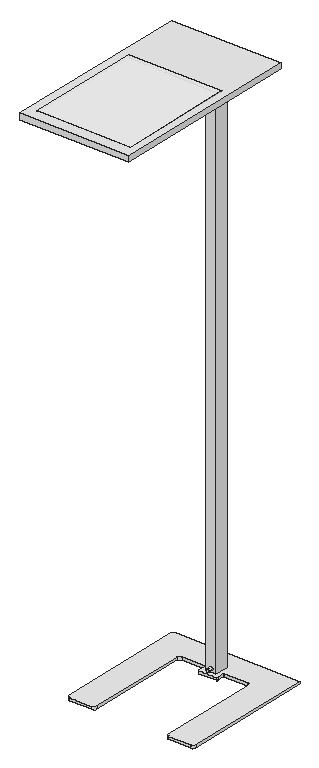
Revit family "0060804 Sylvania Lighting Fixture FREEOFFICE DIRECT INDIRECT 14KLM PIR GREY EC", category Lighting Fixtures, host Face, Revit 2016
Family settings
  Host = Face
  Part Type = Normal
  Round Connector Dimension = Use Diameter
  OmniClass Number = 23.80.70.11.17
  OmniClass Title = Specialized Lighting by Location or Use
  Cut with Voids When Loaded = No
  Light Source = Yes
  Shared = No
  Room Calculation Point = No
Parameters (values of type "0060804 FREEOFFICE D/I 14 PIR GREY EC")
  Weight = "22.8 kg"
  Wattage = 107 W
  WarrantyStartDate [instance] = "n/a"
  WarrantyGuarantorParts = "n/a"
  WarrantyDurationUnit = "n/a"
  WarrantyDurationParts = "n/a"
  WarrantyDescription = "n/a"
  built-in parameter 1150110 = 1 (stored number, unit not read)
  Voltage = 230 V
  TypeName = "FREEOFFICE DIRECT/INDIRECT 14KLM PIR GREY EC"
  built-in parameter 1114217 = 1 (stored number, unit not read)
  Tilt Angle = -90°
  built-in parameter 1150109 = 1 (stored number, unit not read)
  built-in parameter 1150134 = 12
  built-in parameter 1150113 = 1 (stored number, unit not read)
  SerialNumber [instance] = "n/a"
  Radius_FEILO = 165.0 mm
  URL = "http://www.sylvania-lighting.com"
  PowerFactor = 0.98
  PowerConsumption = "107 W"
  Photometric Web File = "0060800.ies"
  PIR_SYL = yes
  NominalWidth = 460.0 mm
  NominalLength = 690.0 mm
  NominalHeight = 2030.0 mm
  Name = "FREEOFFICE DIRECT/INDIRECT 14KLM PIR GREY EC"
  ModelReference = "FREEOFFICE DIRECT/INDIRECT 14KLM PIR GREY EC"
  ModelNumber = "0060804"
  Material_3_SYL = Body-Sylvania-FreeOffice-BLK
  Material_2_SYL = Polycarbonate_Sylvania_Sylcircle_Opal
  Material_1_SYL = Body-Sylvania-FreeOffice-GR
  Material = "head and pole : powder coated aluminium. stand: powder coated steel housing, pmma diffuser"
  ManufacturerName = "Feilo Sylvania"
  LuminousEfficacy = "132 lm/W"
  built-in parameter 1150105 = 4275.8 (stored number, unit not read)
  Lumens = 14124 lm
  LuminaireType = ""
  built-in parameter 1150115 = 1 (stored number, unit not read)
  LightOutputRatio = "n/a"
  built-in parameter 1150137 = (empty or 0)
  built-in parameter 1150139 = (empty or 0)
  LampsType = Lamp  # "LED"
  LampNominalLuminous = "14100 lm"
  LampMacAdamStep = "3"
  LampColourTemperature = "4000 K"
  LampColourRenderingIndex = "80"
  built-in parameter 1150112 = 1 (stored number, unit not read)
  built-in parameter 1150114 = 1 (stored number, unit not read)
  Keynote = "16500"
  InstallationDate [instance] = "n/a"
  InputVoltage = "220-240V~"
  InputNominalFrequency = "50/60 Hz"
  built-in parameter 1150132 = (empty or 0)
  built-in parameter 1150102 = (empty or 0)
  built-in parameter 1150107 = 4000 (stored number, unit not read)
  built-in parameter 1150138 = (empty or 0)
  IngressProtection = "IP20"
  ImpactProtectionIndex = "IK02"
  built-in parameter 1150106 = 42.758 (stored number, unit not read)
  IfcExportType = "IfcLightFixtureType"
  IfcExportAs = "IfcLightFixtureType"
  Height_FEILO = 96.0 mm
  ExpectedLife = 50000
  Emit from Rectangle Width = 340.1 mm
  Emit from Rectangle Length = 564.6 mm
  Emit Shape Visible in Rendering = no
  ElectricShockClassification = "Class I"
  built-in parameter 1150104 = 12.263 (stored number, unit not read)
  DurationUnit = "hours"
  DocumentationLiterature = "http://www.sylvania-lighting.com/product/en-int/products/0060804"
  DimmingControlOptions = "Dimmable"
  Dimming Lamp Color Temperature Shift = <None>
  Diameter_FEILO = 2 * Radius_FEILO  # 330.0 mm
  CreatedOn = "12/5/2018"
  CreatedBy = "@sylvania-lighting.com"
  Color Filter = 16777215
  built-in parameter 1114216 [instance] = 1 (stored number, unit not read)
  Model = "FREEOFFICE DIRECT/INDIRECT 14KLM PIR GREY EC"
  Manufacturer = "Feilo Sylvania"
  Lamp = "LED"
  Description = "FREEOFFICE DIRECT/INDIRECT 14KLM PIR GREY EC is a highly efficient free-standing floor lamp providing optimal illumination for single and twin workstations. 80% uplight and 20% downlight ratio for ambient and task lighting from a single luminaire. Microprismatic PMMA optics for advanced glare control. Grey RAL7035 powder coated luminaire body. Aluminium head and pole for high-quality appearance, steel stand for higher stability. Luminaire dimensions: Head: 690x397x25mm, Stand: 480x460x16mm, Pole: 55x35x2030mm. Operated and dimmed with a push button located in the pole at a height suitable to be used with adjustable height desks. Equipped with presence and daylight sensor. Up and downlight dims together. 4000K Neutral White LED, CRI>80, chromaticity tolerance: SDCM<3. Luminous flux: 14100lm. Power consumption 107W. Luminaire efficacy: 132lm/W. Lumen maintenance: L80B50=55000h. UGR<16, Luminance at 65°<3000 cd/m2. IK02, IP20. Photobiological safety risk group 0. Electrical protection: Class I. Glow wire test: 650°C. Supplied with 3m cable with DIN 49441-R2 plug."
  Default Elevation = 0.0 mm
  built-in parameter 1140040 [instance] = 1
  BarCode [instance] = "n/a"
  built-in parameter 1114218 = 1 (stored number, unit not read)
  built-in parameter 1150133 = 10 (stored number, unit not read)
  AssetType = "Fixed"
  AssetIdentifier [instance] = "n/a"
  Assembly Code = "D5020200"
  Apparent Load = 107 VA
Reference planes
  plane 1 "Center (Front/Back)": y = 0
  plane 2: z = 0
  plane 3 "Center (Left/Right)": x = 0
  plane 4: z = 2030
  plane 5: x = 230
  plane 6: x = -230
  plane 7: x = 18
  plane 8: x = -18
  plane 9: x = -198.5
  plane 10: x = 198.5
  plane 11: y = 25
  plane 12: y = -25
  plane 13: y = -390.174
  plane 14: y = 89.826
  plane 15: y = -645
  plane 16: y = 44
  plane 17: z = 9
  plane 18: z = 2010
  plane 19: y = -187.327
  plane 20: y = -603.8
  plane 21: x = -170.03
  plane 22: x = 170.03
  plane 23: y = -39.174
  plane 24: z = 2020
  plane 25: x = 130
  plane 26: x = -130
  plane 27: y = -10.174
  plane 28: x = 34
  plane 29: x = -34
  plane 30: y = -39.174
  plane 31: y = -321.487
  plane 32: z = 21
  plane 33: y = -624.4
  plane 34: z = 2009
Forms (mm)
  Extrusion 1, solid, material "Body-Sylvania-FreeOffice-GR" <- "Material_1_SYL"
    sketch origin (-1380.213, -4572, 2010) x (-1, 0, 0) y (0, -1, 0)
      loop
        line (-1181.713, -3927) -> (-1578.713, -3927) -> (-1578.713, -4616) -> (-1181.713, -4616) -> (-1181.713, -3927)
    from 0 to 20
  Extrusion 2, void
    sketch origin (-1380.213, -4572, 2030) x (0, -1, 0) y (-1, 0, 0)
      loop
        line (-4384.673, -1210.183) -> (-4384.673, -1550.243) -> (-3968.2, -1550.243) -> (-3968.2, -1210.183) -> (-4384.673, -1210.183)
    from 0 to 20
  Extrusion 3, void
    sketch origin (-1380.213, -4572, 2010) x (0, -1, 0) y (-1, 0, 0)
      loop
        line (-3968.2, -1210.183) -> (-4532.826, -1210.183) -> (-4532.826, -1550.243) -> (-3968.2, -1550.243) -> (-3968.2, -1210.183)
    from 0 to -10
  Extrusion 4, solid, material "Body-Sylvania-FreeOffice-GR" <- "Material_1_SYL"
    sketch origin (0, 0, 0) x (1, 0, 0) y (0, 1, 0)
      loop
        line (-230, 79.826) -> (-230, -380.174)
        arc (-230, -380.174) -> (-227.071, -387.245) -> (-220, -390.174) r 10
        line (-220, -390.174) -> (-140, -390.174)
        arc (-140, -390.174) -> (-132.929, -387.245) -> (-130, -380.174) r 10
        line (-130, -380.174) -> (-130, -20.174)
        arc (-130, -20.174) -> (-127.071, -13.103) -> (-120, -10.174) r 10
        line (-120, -10.174) -> (-36, -10.174)
        arc (-36, -10.174) -> (-34.586, -10.76) -> (-34, -12.174) r 2
        line (-34, -12.174) -> (-34, -37.174)
        arc (-34, -37.174) -> (-33.414, -38.588) -> (-32, -39.174) r 2
        line (-32, -39.174) -> (32, -39.174)
        arc (32, -39.174) -> (33.414, -38.588) -> (34, -37.174) r 2
        line (34, -37.174) -> (34, -12.174)
        arc (34, -12.174) -> (34.586, -10.76) -> (36, -10.174) r 2
        line (36, -10.174) -> (120, -10.174)
        arc (120, -10.174) -> (127.071, -13.103) -> (130, -20.174) r 10
        line (130, -20.174) -> (130, -380.174)
        arc (130, -380.174) -> (132.929, -387.245) -> (140, -390.174) r 10
        line (140, -390.174) -> (220, -390.174)
        arc (220, -390.174) -> (227.071, -387.245) -> (230, -380.174) r 10
        line (230, -380.174) -> (230, 89.826) -> (-220, 89.826)
        arc (-220, 89.826) -> (-227.071, 86.897) -> (-230, 79.826) r 10
    from 0 to 9
  Extrusion 5, solid, material "Body-Sylvania-FreeOffice-GR" <- "Material_1_SYL"
    sketch origin (645.563, -4597, 9) x (0, -1, 0) y (-1, 0, 0)
      loop
        line (-4622, 663.563) -> (-4622, 627.563) -> (-4572, 627.563) -> (-4572, 663.563) -> (-4622, 663.563)
    from 0 to -2001
  Extrusion 6, solid, material "Body-Sylvania-FreeOffice-GR" <- "Material_1_SYL"
    sketch origin (747.1, -25, 1219.2) x (1, 0, 0) y (0, 0, 1)
      loop
        circle (-747.1, -1198.2) r 5
    from 0 to 14.174
  Extrusion 7, solid, material "Polycarbonate_Sylvania_Sylcircle_Opal" <- "Material_2_SYL"
    sketch origin (-1380.213, -4572, 2030) x (-1, 0, 0) y (0, -1, 0)
      loop
        line (-1550.243, -3968.2) -> (-1550.243, -4384.673) -> (-1210.183, -4384.673) -> (-1210.183, -3968.2) -> (-1550.243, -3968.2)
    from 0 to -10
  Extrusion 8, solid, material "Polycarbonate_Sylvania_Sylcircle_Opal" <- "Material_2_SYL"
    sketch origin (-1380.213, -4572, 2010) x (-1, 0, 0) y (0, -1, 0)
      loop
        line (-1210.183, -4532.826) -> (-1210.183, -3968.2) -> (-1550.243, -3968.2) -> (-1550.243, -4532.826) -> (-1210.183, -4532.826)
    from 0 to 10
  Revolve 9, solid, material "Body-Sylvania-FreeOffice-BLK" <- "Material_3_SYL", visible <- "PIR_SYL"
    sketch origin (747.1, -624.4, 1219.2) x (1, 0, 0) y (0, 0, 1)
      loop
        line (-757.1, 789.8) -> (-754.426, 789.8)
        arc (-754.426, 789.8) -> (-751.007, 787.781) -> (-747.1, 787.079) r 11.221
        line (-747.1, 787.079) -> (-747.1, 790.8) -> (-757.1, 790.8) -> (-757.1, 789.8)
      axis (-747.1, 790.8) -> (-747.1, 787.079)
    angle from 0 to 360
Cuts and joins
  Extrusion 2, Extrusion 3 cuts Extrusion 1
Lines and regions (mm)
  reference lines
    curve 1: circle (0, 0, 21) r 5 normal (0, -1, 0)
    curve 2: circle (0, -624.4, 2010) r 10 normal (0, 0, 1)
Dimensions and locks
  equal spacing: plane 12, plane 1 "Center (Front/Back)", plane 11
  locked: plane 12 to plane 11 at 50
  equal spacing: plane 8, plane 3 "Center (Left/Right)", plane 7
  plane 8 to plane 7 = 36.0 mm
  equal spacing: plane 9, plane 3 "Center (Left/Right)", plane 10
  plane 9 to plane 10 = 397.0 mm
  equal spacing: plane 6, plane 3 "Center (Left/Right)", plane 5
  locked: plane 6 to plane 5 at 460
  locked: plane 4 to plane 2 at 2030
  locked: plane 13 to plane 1 "Center (Front/Back)" at 390.174
  locked: plane 13 to plane 14 at 480
  locked: plane 15 to plane 1 "Center (Front/Back)" at 645
  locked: plane 15 to plane 16 at 689
  locked: plane 17 to plane 2 at 9
  locked: plane 4 to plane 18 at 20
  locked: plane 19 to plane 1 "Center (Front/Back)" at 187.327
  locked: plane 20 to plane 19 at 416.473
  equal spacing: plane 21, plane 3 "Center (Left/Right)", plane 22
  plane 21 to plane 22 = 340.059 mm
  locked: plane 20 to plane 23 at 564.626
  equal spacing: plane 4, plane 24, plane 18
  equal spacing: plane 26, plane 3 "Center (Left/Right)", plane 25
  locked: plane 26 to plane 25 at 260
  locked: plane 27 to plane 14 at 100
  equal spacing: plane 29, plane 3 "Center (Left/Right)", plane 28
  locked: plane 29 to plane 28 at 68
  locked: plane 30 to plane 27 at 29
  equal spacing: plane 20, plane 31, plane 23
  locked: plane 32 to host face at 21
  equal spacing: plane 15, plane 33, plane 20
  locked: Revolve 9 sketch curve to plane 18 at 7.5
  locked: plane 18 to plane 34 at 1
  radius of curve 2 = 10.0 mm
  aligned and locked: plane 2 to host face
  aligned and locked: level to host face
  aligned and locked: plane 15 to Extrusion 1 sketch curve
  aligned and locked: Extrusion 1 sketch curve to plane 9
  aligned and locked: Extrusion 1 sketch curve to plane 16
  aligned and locked: plane 10 to Extrusion 1 sketch curve
  aligned and locked: plane 4 to Extrusion 1
  aligned and locked: Extrusion 1 to plane 18
  aligned and locked: Extrusion 2 sketch curve to plane 19
  aligned and locked: plane 20 to Extrusion 2 sketch curve
  aligned and locked: Extrusion 2 to plane 18
  aligned and locked: plane 4 to Extrusion 2
  aligned and locked: plane 21 to Extrusion 2 sketch curve
  aligned and locked: plane 22 to Extrusion 2 sketch curve
  aligned and locked: Extrusion 3 sketch curve to cut or joined group of Extrusion 1, Extrusion 2, Extrusion 3  (x2)
  aligned and locked: plane 23 to Extrusion 3 sketch curve
  aligned and locked: plane 22 to Extrusion 3 sketch curve
  aligned and locked: Extrusion 3 to plane 18
  aligned and locked: plane 24 to Extrusion 3
  aligned and locked: Extrusion 4 sketch curve to plane 14
  aligned and locked: Extrusion 4 sketch curve to plane 6
  aligned and locked: plane 13 to Extrusion 4 sketch curve  (x2)
  aligned and locked: Extrusion 4 sketch curve to plane 26
  aligned and locked: Extrusion 4 sketch curve to plane 25
  aligned and locked: plane 5 to Extrusion 4 sketch curve
  aligned and locked: plane 29 to Extrusion 4 sketch curve
  aligned and locked: plane 30 to Extrusion 4 sketch curve
  aligned and locked: Extrusion 4 sketch curve to plane 28
  aligned and locked: Extrusion 4 sketch curve to plane 27
  aligned and locked: Extrusion 4 to plane 17
  aligned and locked: Extrusion 4 to level
  aligned and locked: Extrusion 5 sketch curve to plane 8
  aligned and locked: plane 7 to Extrusion 5 sketch curve
  aligned and locked: plane 18 to Extrusion 5
  aligned and locked: plane 11 to Extrusion 5 sketch curve
  aligned and locked: Extrusion 5 sketch curve to plane 12
  aligned and locked: plane 24 to imposter light
  aligned and locked: imposter light to plane 3 "Center (Left/Right)"
  aligned and locked: imposter light to plane 31
  aligned and locked: Extrusion 6 sketch curve to curve 1
  aligned and locked: Extrusion 6 to plane 12
  aligned and locked: Extrusion 6 to cut or joined group of Extrusion 1, Extrusion 2, Extrusion 3
  aligned and locked: Extrusion 7 sketch curve to cut or joined group of Extrusion 1, Extrusion 2, Extrusion 3  (x4)
  aligned and locked: Extrusion 7 to plane 4
  aligned and locked: Extrusion 7 to cut or joined group of Extrusion 1, Extrusion 2, Extrusion 3
  aligned and locked: Extrusion 8 sketch curve to cut or joined group of Extrusion 1, Extrusion 2, Extrusion 3  (x4)
  aligned and locked: Extrusion 8 to cut or joined group of Extrusion 1, Extrusion 2, Extrusion 3
  aligned and locked: Extrusion 8 to plane 18
  aligned and locked: plane 3 "Center (Left/Right)" to curve 2
  aligned and locked: plane 33 to curve 2
  aligned and locked: plane 3 "Center (Left/Right)" to Revolve 9 sketch curve  (x2)
  aligned and locked: Revolve 9 sketch curve to plane 3 "Center (Left/Right)"
  aligned and locked: Revolve 9 sketch curve to plane 34
Automatic sketch dimensions
  host sketch curve to host sketch curve = 1305.563 mm
  host sketch curve to host sketch curve = 1283.632 mm
  plane 27 to Extrusion 4 sketch curve = 0.0 mm
  plane 6 to Extrusion 4 sketch curve = 10.0 mm  (x2)
  Extrusion 4 sketch curve to plane 13 = 10.0 mm
  Extrusion 4 sketch curve to plane 26 = 10.0 mm
  Extrusion 4 sketch curve to Extrusion 4 sketch curve = 2.0 mm
  plane 29 to Extrusion 4 sketch curve = 2.0 mm
  Extrusion 4 sketch curve to plane 28 = 2.0 mm
  plane 28 to Extrusion 4 sketch curve = 2.0 mm
  Extrusion 4 sketch curve to plane 25 = 10.0 mm
  Extrusion 4 sketch curve to Extrusion 4 sketch curve = 10.0 mm
  Extrusion 4 sketch curve to plane 5 = 10.0 mm
  curve 1 to plane 3 "Center (Left/Right)" = 0.0 mm
  curve 1 to plane 32 = 0.0 mm
  Revolve 9 sketch curve to plane 18 = 0.0 mm
  Revolve 9 sketch curve to plane 3 "Center (Left/Right)" = 7.326 mm
  Revolve 9 sketch curve to Revolve 9 sketch curve = 2.674 mm
  Revolve 9 sketch curve to level = 94.652 mm
  plane 4 to Revolve 9 sketch curve = 432.257 mm
  radius of curve 1 = 5.0 mm
Connectors
  electrical at (0, -39.174, 21), driven by "PowerFactor", driven by "Voltage", driven by "Apparent Load", driven by "Apparent Load"
    settings: on Extrusion 6, index 1, voltage 230 V, apparent load 107 VA, apparent load phase1 107 VA, apparent load phase2 0 VA, apparent load phase3 0 VA, power factor 0.98, load classification "Other", number of poles 1, system type 30, power factor state 1, is connector primary yes, connector utility no, sub classification motor no, connector description ""
